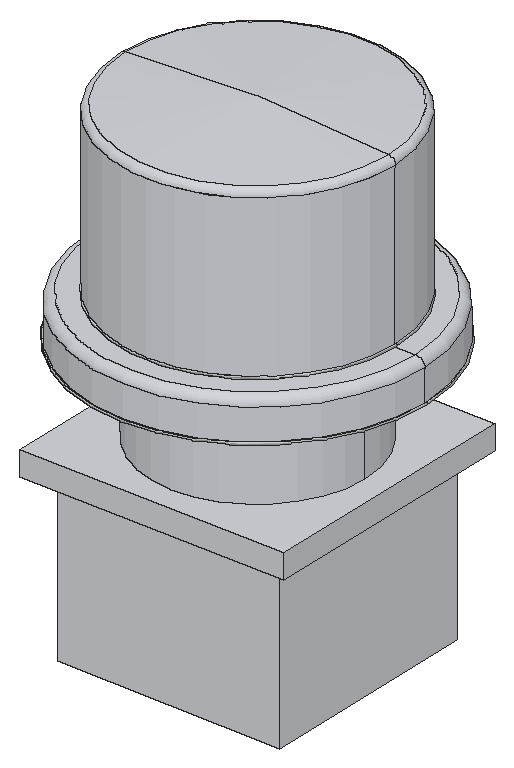
Revit family "EF-4", category Mechanical Equipment, host Face, Revit 2025
Family settings
  Host = Face
  Round Connector Dimension = Use Diameter
  Classification = None
  Part Type = Normal
  Cut with Voids When Loaded = No
  Maintain Annotation Orientation = No
  Shared = No
  Room Calculation Point = No
Parameters
  X = 19"
  Default Elevation = 48"
Reference planes (in)
  plane 1 "Center (Front/Back)": y = 0
  plane 2: z = 0
  plane 3 "Center (Left/Right)": x = 0
Forms (in)
  Revolve 1, solid
    sketch origin (0, 0, 0) x (1, 0, 0) y (0, 0, 1)
      loop
        line (0, 1.75) -> (7.75, 1.75) -> (7.75, 8.06963) -> (12.15231, 8.06963)
        arc (12.15231, 8.06963) -> (12.21484, 8.13467) -> (12.15063, 8.19805) r 0.06422
        line (12.15063, 8.19805) -> (12.0625, 8.19805) -> (12.0625, 10.43266)
        arc (12.0625, 10.43266) -> (11.87594, 10.88307) -> (11.42553, 11.06963) r 0.63697
        line (11.42553, 11.06963) -> (9.9375, 11.06963)
        arc (9.9375, 11.06963) -> (10.02092, 11.15305) -> (9.9375, 11.23647) r 0.08342
        line (9.9375, 11.23647) -> (9.9375, 22.75472)
        arc (9.9375, 22.75472) -> (9.80019, 23.09889) -> (9.46367, 23.25403) r 0.5
        line (9.46367, 23.25403) -> (0, 23.75) -> (0, 1.75)
      axis (0, 23.75) -> (0, 1.75)
    angle from 0 to 360
  Extrusion 2, solid
    sketch origin (0, 0, 0) x (1, 0, 0) y (0, 1, 0)
      loop
        line (-9.5, 9.5) -> (-9.5, -9.5) -> (9.5, -9.5) -> (9.5, 9.5) -> (-9.5, 9.5)
    from 0 to 1.75
  Extrusion 3, solid
    sketch origin (0, 0, 0) x (1, 0, 0) y (0, 1, 0)
      loop
        line (-8, 8) -> (-8, -8) -> (8, -8) -> (8, 8) -> (-8, 8)
    from 0 to -12.03309
Dimensions and locks (in)
  equal spacing: Extrusion 2 sketch curve, plane 3 "Center (Left/Right)", Extrusion 2 sketch curve
  equal spacing: Extrusion 2 sketch curve, plane 1 "Center (Front/Back)", Extrusion 2 sketch curve
  "X": Extrusion 2 sketch curve to Extrusion 2 sketch curve  (x2)
  equal spacing: Extrusion 3 sketch curve, plane 3 "Center (Left/Right)", Extrusion 3 sketch curve
  equal spacing: Extrusion 3 sketch curve, plane 1 "Center (Front/Back)", Extrusion 3 sketch curve
  Extrusion 3 sketch curve to Extrusion 2 = 1 1/2"  (x2)
  aligned and locked: plane 2 to host face
  aligned and locked: level to host face
Automatic sketch dimensions
  host sketch curve to host sketch curve = 96"  (x2)
  Revolve 1 sketch curve to plane 3 "Center (Left/Right)" = 0"  (x2)
  level to Revolve 1 sketch curve = 1 3/4"
  plane 3 "Center (Left/Right)" to Revolve 1 sketch curve = 7 3/4"
  plane 3 "Center (Left/Right)" to Revolve 1 sketch curve = 9 7/16"
  Revolve 1 sketch curve to Revolve 1 sketch curve = 0.02617"
  Revolve 1 sketch curve to Revolve 1 sketch curve = 2 3/16"
  Revolve 1 sketch curve to Revolve 1 sketch curve = 1.48803"
  Revolve 1 sketch curve to Revolve 1 sketch curve = 0.63697"
  Revolve 1 sketch curve to Revolve 1 sketch curve = 0.08813"
  Revolve 1 sketch curve to Revolve 1 sketch curve = 0.00168"
  Revolve 1 sketch curve to Revolve 1 sketch curve = 6.31963"
  Revolve 1 sketch curve to Revolve 1 sketch curve = 0.0642"
  Revolve 1 sketch curve to Revolve 1 sketch curve = 2.23461"
  Revolve 1 sketch curve to Revolve 1 sketch curve = 0.08342"
  Revolve 1 sketch curve to Revolve 1 sketch curve = 11.51824"
  Revolve 1 sketch curve to Revolve 1 sketch curve = 0.49597"
  Revolve 1 sketch curve to Revolve 1 sketch curve = 2.06963"
  Revolve 1 sketch curve to Revolve 1 sketch curve = 1 3/4"
